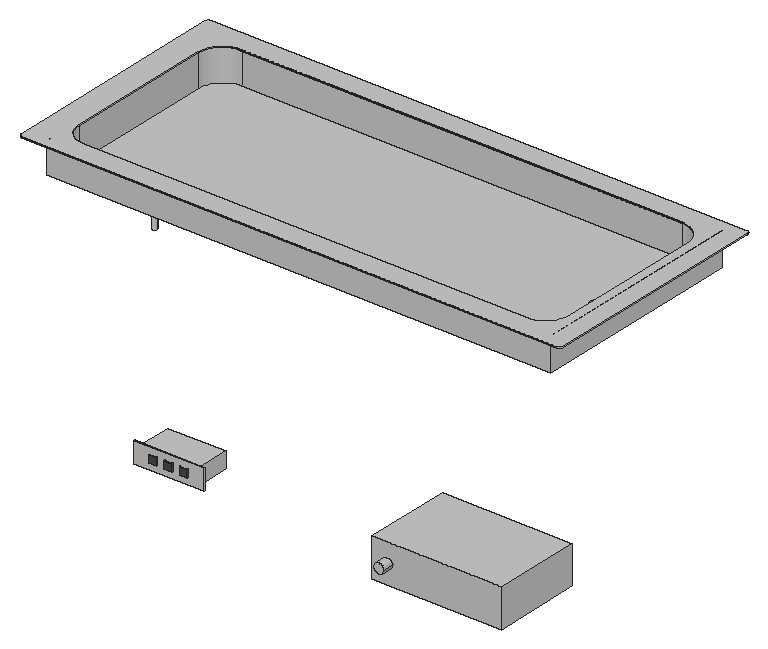
Revit family "QF_ELECTROLUXPROFESSIONAL_341111_D14R4", category Specialty Equipment, Revit 2018
Family settings
  Round Connector Dimension = Use Diameter
  Part Type = Normal
  Work Plane-Based = No
  Always vertical = Yes
  Cut with Voids When Loaded = No
  Shared = No
  Room Calculation Point = No
Parameters (values of type "341057.rfa")
  Weight = 0.00 kg
  Watts = 0 W
  Volts = 0 V
  URL Manufacturer = ""
  URL = ""
  Steam Supply Size = 0 mm
  Steam Supply Minimum Pressure = 0.0 Pa
  Steam Supply Maximum Pressure = 0.0 Pa
  Steam Pounds per Hour = 0
  Show Clearance [instance] = yes
  Remote Electrical Box_Z [instance] = 200.00 mm
  Remote Electrical Box_Y [instance] = 500.00 mm
  Remote Electrical Box_X [instance] = 1000.00 mm
  Refrigeration Suction Line Size = 0 mm
  Refrigeration Liquid Line Size = 0 mm
  Refrigerant Compressor Remote = yes
  Manufacturer = ""
  Phase = 0
  Model = ""
  Length Actual = 1420.00 mm  # constant formula
  Item Number = ""
  Hot Water Size = 0 mm
  Height Actual = 90.00 mm  # constant formula
  HP = "0 HP"
  Gas Size = 0 mm
  Gas KW = 0
  Gas Input Pressure = 0 W
  Direct Waste Size = 25.4 mm
  Description = ""
  Depth Actual = 620.00 mm  # constant formula
  Cycle = 0 Hz
  Controller_Y [instance] = 500.00 mm
  Controller_1Z [instance] = 200.00 mm
  Controller_1X [instance] = 300.00 mm
  Condensate Return Size = 0 mm
  Compressed Air Volume = 0.0 L/s
  Compressed Air Size = 0 mm
  Compressed Air Pressure = 0.0 Pa
  Cold Water Size = 0 mm
  Accessory = yes
Types (2, lengths in mm): name | Volts | URL Manufacturer | URL | Manufacturer | Phase | Model | Item Number | Description | Cycle
  341057.rfa | 0 V | "" | "" | "" | 0 | "" | "" | "" | 0 Hz
  Standard | 220 V | "http://professional.electrolux.com" | "http://professional.electrolux.com" | "Electrolux Professional" | 1 | "D14R4" | "341111" | "DROP-IN REMOTE, REFRIGERATED S/S SURFACE, 4GN" | 50 Hz
Reference planes
  plane 1 "Centro (Fronte/Retro)": y = 74.737
  plane 2: z = 0
  plane 3 "BACK": y = 384.737
  plane 4 "FRONT": y = -235.263
  plane 5 "RIGHT": x = 195.731
  plane 6 "LEFT": x = -1224.269
  plane 7: x = -514.269
  plane 8 "TOP": z = 900
  plane 9: y = 354.737
  plane 10: y = -205.263
  plane 11: x = 145.731
  plane 12: x = -1174.269
  plane 13: y = 329.737
  plane 14: y = -180.263
  plane 15: x = -1154.269
  plane 16: x = 125.731
  plane 17: z = 898
  plane 18: z = 812
  plane 19: z = 815
  plane 20: z = 428
  plane 21: x = -354.269
  plane 22: y = 314.737
  plane 23: y = -165.263
  plane 24: x = -1099.269
  plane 25: x = -649.269
  plane 26: y = -115.263
  plane 27: y = -115.263
  plane 28: x = -224.269
  plane 29: x = -924.269
  plane 30: z = 200
  plane 31: z = 200
Forms (mm)
  Extrusion 1, solid, material "QF_Finishes_Stainless Steel"
    sketch origin (0, 0, 900) x (-1, 0, 0) y (0, -1, 0)
      loop
        arc (1214.269, -384.737) -> (1221.34, -381.808) -> (1224.269, -374.737) r 10
        line (1224.269, -374.737) -> (1224.269, 225.263)
        arc (1224.269, 225.263) -> (1221.34, 232.334) -> (1214.269, 235.263) r 10
        line (1214.269, 235.263) -> (-185.731, 235.263)
        arc (-185.731, 235.263) -> (-192.802, 232.334) -> (-195.731, 225.263) r 10
        line (-195.731, 225.263) -> (-195.731, -374.737)
        arc (-195.731, -374.737) -> (-192.802, -381.808) -> (-185.731, -384.737) r 10
        line (-185.731, -384.737) -> (1214.269, -384.737)
      loop
        arc (1090.219, -329.737) -> (1135.509, -310.977) -> (1154.269, -265.687) r 64.05
        line (1154.269, -265.687) -> (1154.269, 125.263)
        arc (1154.269, 125.263) -> (1138.16, 164.154) -> (1099.269, 180.263) r 55
        line (1099.269, 180.263) -> (-61.681, 180.263)
        arc (-61.681, 180.263) -> (-106.972, 161.503) -> (-125.731, 116.213) r 64.05
        line (-125.731, 116.213) -> (-125.731, -265.687)
        arc (-125.731, -265.687) -> (-106.972, -310.977) -> (-61.681, -329.737) r 64.05
        line (-61.681, -329.737) -> (1090.219, -329.737)
    from 0 to -2
  Extrusion 2, solid, material "QF_Finishes_Stainless Steel"
    sketch origin (0, 0, 900) x (-1, 0, 0) y (0, -1, 0)
      loop
        line (-145.731, -354.737) -> (1174.269, -354.737) -> (1174.269, 205.263) -> (-145.731, 205.263) -> (-145.731, -354.737)
    from -2 to -88
  Extrusion 3, void
    sketch origin (0, 0, 900) x (-1, 0, 0) y (0, -1, 0)
      loop
        line (1154.269, -265.687) -> (1154.269, 125.263)
        arc (1154.269, 125.263) -> (1138.16, 164.154) -> (1099.269, 180.263) r 55
        line (1099.269, 180.263) -> (-61.681, 180.263)
        arc (-61.681, 180.263) -> (-106.972, 161.503) -> (-125.731, 116.213) r 64.05
        line (-125.731, 116.213) -> (-125.731, -265.687)
        arc (-125.731, -265.687) -> (-106.972, -310.977) -> (-61.681, -329.737) r 64.05
        line (-61.681, -329.737) -> (1090.219, -329.737)
        arc (1090.219, -329.737) -> (1135.509, -310.977) -> (1154.269, -265.687) r 64.05
    from 0 to -85
  Extrusion 4, void
    sketch origin (109.408, -193.95, 900) x (1, 0, 0) y (0, 1, 0)
      loop
        circle (-64.631, 268.687) r 18
    from -158.203 to -16.036
  Sweep 5, solid, material "QF_Finishes_Stainless Steel"
    path origin (0, 74.737, 0) x (1, 0, 0) y (0, 0, 1)
      loop
        line (44.776, 812) -> (44.776, 793) -> (91.731, 793)
    profile origin (44.776, 74.737, 802.5) x (0, -1, 0) y (1, 0, 0)
      loop
        circle (0, 0) r 18
  Extrusion 6, solid, material "QF_Finishes_Stainless Steel"
    sketch origin (0, 0, 900) x (-1, 0, 0) y (0, -1, 0)
      loop
        circle (1074.269, -24.737) r 6.35
    from -88 to -279
  Extrusion 7, solid, material "QF_Finishes_Stainless Steel"
    sketch origin (0, 0, 900) x (-1, 0, 0) y (0, -1, 0)
      loop
        circle (1074.269, -124.737) r 4.76
    from -88 to -229
Cuts and joins
  Extrusion 3, Extrusion 4 cuts Extrusion 2
Lines and regions (mm)
  symbolic lines
    curve 1: line (185.731, 384.737, 900) -> (-1214.269, 384.737, 900)
    curve 2: arc (-1214.269, 384.737, 900) -> (-1221.34, 381.808, 900) -> (-1224.269, 374.737, 900) r 10
    curve 3: line (-1224.269, 374.737, 900) -> (-1224.269, -225.263, 900)
    curve 4: arc (-1224.269, -225.263, 900) -> (-1221.34, -232.334, 900) -> (-1214.269, -235.263, 900) r 10
    curve 5: line (-1214.269, -235.263, 900) -> (185.731, -235.263, 900)
    curve 6: arc (185.731, -235.263, 900) -> (192.802, -232.334, 900) -> (195.731, -225.263, 900) r 10
    curve 7: line (195.731, -225.263, 900) -> (195.731, 374.737, 900)
    curve 8: arc (195.731, 374.737, 900) -> (192.802, 381.808, 900) -> (185.731, 384.737, 900) r 10
    curve 9: line (-1154.269, -125.263, 900) -> (-1154.269, 265.687, 900)
    curve 10: arc (-1154.269, 265.687, 900) -> (-1135.509, 310.977, 900) -> (-1090.219, 329.737, 900) r 64.05
    curve 11: line (-1090.219, 329.737, 900) -> (61.681, 329.737, 900)
    curve 12: arc (61.681, 329.737, 900) -> (106.972, 310.977, 900) -> (125.731, 265.687, 900) r 64.05
    curve 13: line (125.731, 265.687, 900) -> (125.731, -116.213, 900)
    curve 14: arc (125.731, -116.213, 900) -> (106.972, -161.503, 900) -> (61.681, -180.263, 900) r 64.05
    curve 15: line (61.681, -180.263, 900) -> (-1099.269, -180.263, 900)
    curve 16: arc (-1099.269, -180.263, 900) -> (-1138.16, -164.154, 900) -> (-1154.269, -125.263, 900) r 55
    curve 17: arc (62.776, 74.737, 900) -> (44.776, 56.737, 900) -> (26.776, 74.737, 900) r 18
    curve 18: arc (26.776, 74.737, 900) -> (44.776, 92.737, 900) -> (62.776, 74.737, 900) r 18
  symbolic lines, style "SpecialityEquipmentHiddenLines"
    curve 19: line (-1174.269, 354.737, 900) -> (145.731, 354.737, 900)
    curve 20: line (-1174.269, -205.263, 900) -> (-1174.269, 354.737, 900)
    curve 21: line (145.731, -205.263, 900) -> (-1174.269, -205.263, 900)
    curve 22: line (145.731, 354.737, 900) -> (145.731, -205.263, 900)
    curve 23: line (-1099.269, 314.737, 900) -> (-649.269, 314.737, 900)
    curve 24: line (-1099.269, -165.263, 900) -> (-1099.269, 314.737, 900)
    curve 25: line (-649.269, -165.263, 900) -> (-1099.269, -165.263, 900)
    curve 26: line (-649.269, 314.737, 900) -> (-649.269, -165.263, 900)
Dimensions and locks
  plane 6 "LEFT" to plane 5 "RIGHT" = 1420.00 mm
  equal spacing: plane 3 "BACK", plane 1 "Centro (Fronte/Retro)", plane 4 "FRONT"
  plane 3 "BACK" to plane 4 "FRONT" = 620.00 mm
  equal spacing: plane 6 "LEFT", plane 7, plane 5 "RIGHT"
  locked: plane 8 "TOP" to plane 2 at 900
  locked: plane 6 "LEFT" to plane 12 at 50
  locked: plane 11 to plane 5 "RIGHT" at 50
  locked: plane 3 "BACK" to plane 9 at 30
  locked: plane 10 to plane 4 "FRONT" at 30
  plane 3 "BACK" to plane 13 = 55.00 mm
  plane 14 to plane 4 "FRONT" = 55.00 mm
  plane 6 "LEFT" to plane 15 = 70.00 mm
  plane 16 to plane 5 "RIGHT" = 70.00 mm
  locked: plane 8 "TOP" to plane 17 at 2
  plane 8 "TOP" to plane 18 = 88.00 mm
  locked: plane 19 to plane 18 at 3
  plane 8 "TOP" to plane 20 = 472.00 mm
  locked: plane 25 to plane 24 at 450
  plane 23 to plane 22 = 480.00 mm
  plane 13 to plane 14 = 510.00 mm
  plane 15 to plane 16 = 1280.00 mm
  plane 24 to plane 6 "LEFT" = 125.00 mm
  "Controller_Y": plane 3 "BACK" to plane 26
  "Remote Electrical Box_Y": plane 3 "BACK" to plane 27
  "Controller_1X": plane 6 "LEFT" to plane 29
  "Remote Electrical Box_X": plane 6 "LEFT" to plane 28
  "Controller_1Z": plane 30 to plane 2
  "Remote Electrical Box_Z": plane 31 to plane 2
  aligned and locked: level to plane 2
  aligned and locked: Extrusion 1 sketch curve to plane 3 "BACK"
  aligned and locked: plane 6 "LEFT" to Extrusion 1 sketch curve
  aligned and locked: plane 4 "FRONT" to Extrusion 1 sketch curve
  aligned and locked: Extrusion 1 sketch curve to plane 5 "RIGHT"
  aligned and locked: Extrusion 1 sketch curve to plane 13
  aligned and locked: plane 15 to Extrusion 1 sketch curve
  aligned and locked: Extrusion 1 sketch curve to plane 14
  aligned and locked: Extrusion 1 sketch curve to plane 16
  aligned and locked: Extrusion 1 to plane 17
  aligned and locked: Extrusion 2 sketch curve to plane 9
  aligned and locked: plane 11 to Extrusion 2 sketch curve
  aligned and locked: Extrusion 2 sketch curve to plane 10
  aligned and locked: Extrusion 2 sketch curve to plane 12
  aligned and locked: Extrusion 2 to plane 18
  aligned and locked: Extrusion 2 to Extrusion 1
  aligned and locked: Extrusion 3 sketch curve to Extrusion 1  (x4)
  aligned and locked: Extrusion 3 to plane 19
  aligned and locked: nested 2 to plane 29
  aligned and locked: nested 3 to plane 28
  aligned and locked: plane 27 to nested 3
  aligned and locked: plane 26 to nested 2
  aligned and locked: plane 31 to nested 3
  aligned and locked: nested 2 to plane 30
Automatic sketch dimensions
  Extrusion 1 sketch curve to plane 5 "RIGHT" = 10.00 mm
  Extrusion 1 sketch curve to plane 3 "BACK" = 10.00 mm
  plane 23 to Extrusion 1 sketch curve = 49.05 mm
  Extrusion 1 sketch curve to plane 22 = 49.05 mm  (x2)
  plane 23 to Extrusion 1 sketch curve = 40.00 mm
  Extrusion 1 sketch curve to Extrusion 1 sketch curve = 10.00 mm
  plane 6 "LEFT" to Extrusion 1 sketch curve = 10.00 mm
  Extrusion 3 sketch curve to plane 22 = 49.05 mm  (x2)
  plane 23 to Extrusion 3 sketch curve = 49.05 mm
  plane 15 to Extrusion 3 sketch curve = 55.00 mm
  plane 1 "Centro (Fronte/Retro)" to Extrusion 4 sketch curve = 0.00 mm
  plane 16 to Extrusion 4 sketch curve = 80.955 mm
  Sweep 5 sketch curve to plane 18 = 0.00 mm
  Sweep 5 sketch curve to plane 18 = 19.00 mm
  Sweep 5 sketch curve to plane 16 = 80.955 mm
  Sweep 5 sketch curve to plane 16 = 34.00 mm
  plane 1 "Centro (Fronte/Retro)" to Sweep 5 sketch curve = 0.00 mm
  Sweep 5 sketch curve to profile plane = 0.00 mm
  curve 17 to curve 18 = 0.00 mm  (x2)
  curve 7 to plane 5 "RIGHT" = 0.00 mm
  curve 5 to plane 4 "FRONT" = 0.00 mm
  curve 1 to plane 3 "BACK" = 0.00 mm
  plane 10 to curve 22 = 0.00 mm
  curve 22 to plane 11 = 0.00 mm
  curve 13 to plane 16 = 0.00 mm
  plane 1 "Centro (Fronte/Retro)" to curve 17 = 0.00 mm
  plane 14 to curve 15 = 0.00 mm
  plane 13 to curve 11 = 0.00 mm
  curve 25 to plane 23 = 0.00 mm
  curve 25 to plane 25 = 0.00 mm
  curve 25 to plane 24 = 0.00 mm
  curve 16 to plane 15 = 0.00 mm
  curve 19 to plane 9 = 0.00 mm
  curve 19 to plane 12 = 0.00 mm
  curve 4 to plane 6 "LEFT" = 0.00 mm
  curve 23 to plane 22 = 0.00 mm
  plane 4 "FRONT" to curve 6 = 10.00 mm
  curve 1 to plane 5 "RIGHT" = 10.00 mm
  curve 15 to plane 16 = 64.05 mm
  curve 11 to plane 16 = 64.05 mm
  curve 18 to plane 16 = 80.955 mm
  plane 24 to curve 15 = 0.00 mm
  plane 24 to curve 11 = 9.05 mm
  plane 6 "LEFT" to curve 1 = 10.00 mm
  plane 6 "LEFT" to curve 5 = 10.00 mm
  curve 17 to curve 17 = 18.00 mm
  plane 24 to Extrusion 6 sketch curve = 25.00 mm
  plane 1 "Centro (Fronte/Retro)" to Extrusion 6 sketch curve = 50.00 mm
  plane 24 to Extrusion 7 sketch curve = 25.00 mm
  Extrusion 7 sketch curve to plane 1 "Centro (Fronte/Retro)" = 50.00 mm
  radius of Extrusion 4 sketch curve = 18.00 mm
  radius of Sweep 5 sketch curve = 18.00 mm
  radius of Extrusion 6 sketch curve = 6.35 mm
  radius of Extrusion 7 sketch curve = 4.76 mm
Nested families
  nested 1: "Refrigerator" at (15.731, -45.263, 900), type "Refrigerator"
  nested 2: "Controller" at (-924.269, -115.263, 200), type "Controller"
  nested 3: "Remote_Electrical_Box" at (-224.269, -0.263, 100), type "Remote_Electrical_Box"
Connectors
  piping at (91.731, 74.737, 793), diameter 36
    settings: on Sweep 5, index 1, connector inside diameter 609.6 mm, connector length 0.00 mm, flow factor 0, pipe flow 0.0 L/s, pressure drop 0.0 Pa, fitting loss kfactor 0, connector angle 0.00°, fixture units 0, engagement length 0.00 mm, angle of deflection 0.00°, flow configuration 1, flow direction 1, fitting loss method 0, system type 16, joint type 0, gender type 0, connector reference index -1, connector utility 0, adjustable connector no, is connector primary yes, connector description "drain"
  electrical at (-354.269, -142.263, 149.381)
    settings: on nested 3, index 2, voltage 0 V, apparent load 0 VA, apparent load phase1 0 VA, apparent load phase2 0 VA, apparent load phase3 0 VA, power factor 1, load classification "Altro", number of poles 1, system type 14, power factor state 1, is connector primary yes, connector utility no, sub classification motor no, connector description ""
  piping at (-1074.269, 24.737, 621), diameter 12.7
    settings: on Extrusion 6, index 4, connector inside diameter 609.6 mm, connector length 0.00 mm, flow factor 0, pipe flow 0.0 L/s, pressure drop 0.0 Pa, fitting loss kfactor 0, connector angle 0.00°, fixture units 0, engagement length 0.00 mm, angle of deflection 0.00°, flow configuration 1, flow direction 1, fitting loss method 0, system type 22, joint type 0, gender type 0, connector reference index -1, connector utility 0, adjustable connector no, is connector primary no, connector description ""
  piping at (-1074.269, 124.737, 671), diameter 9.52
    settings: on Extrusion 7, index 5, connector inside diameter 609.6 mm, connector length 0.00 mm, flow factor 0, pipe flow 0.0 L/s, pressure drop 0.0 Pa, fitting loss kfactor 0, connector angle 0.00°, fixture units 0, engagement length 0.00 mm, angle of deflection 0.00°, flow configuration 1, flow direction 1, fitting loss method 0, system type 22, joint type 0, gender type 0, connector reference index -1, connector utility 0, adjustable connector no, is connector primary no, connector description ""
Definition of nested family "Controller"
  Reference planes
    plane 1 "Center (Front/Back)": y = 0
    plane 2: z = 0
    plane 3 "Center (Left/Right)": x = 0
  Forms (mm)
    Extrusion 1, solid
      sketch origin (0, 44.769, -48.2) x (1, 0, 0) y (0, 1, 0)
        loop
          line (-76, 43.231) -> (-76, -47.65) -> (76, -47.65) -> (76, 43.231) -> (-76, 43.231)
      from 6.2 to 48.2
    Extrusion 2, solid
      sketch origin (0, 44.769, -48.2) x (1, 0, 0) y (0, 0, 1)
        loop
          line (-92.25, 54.4) -> (-92.25, 0) -> (92.25, 0) -> (92.25, 54.4) -> (-92.25, 54.4)
        loop
          line (-76, 48.2) -> (-76, 6.2) -> (76, 6.2) -> (76, 48.2) -> (-76, 48.2)
      from 44.769 to 47.65
    Extrusion 3, solid
      sketch origin (76, -2.881, -48.2) x (-1, 0, 0) y (0, 0, -1)
        loop
          line (106, -37.2) -> (126, -37.2) -> (126, -17.2) -> (106, -17.2) -> (106, -37.2)
        loop
          line (66, -37.2) -> (86, -37.2) -> (86, -17.2) -> (66, -17.2) -> (66, -37.2)
        loop
          line (26, -37.2) -> (46, -37.2) -> (46, -17.2) -> (26, -17.2) -> (26, -37.2)
      from 0 to 2
    Extrusion 4, void
      sketch origin (0, 0, 0) x (1, 0, 0) y (0, 1, 0)
        loop
          line (76, 88) -> (-76, 88) -> (-76, 0) -> (76, 0) -> (76, 88)
      from 0 to -42
  Cuts and joins
    Extrusion 4 cuts Extrusion 2
    joined: Extrusion 1, Extrusion 2
  Lines and regions (mm)
    symbolic lines
      curve 1: line (-76, 88, 0) -> (-76, 0, 0)
      curve 2: line (76, 88, 0) -> (-76, 88, 0)
      curve 3: line (76, 0, 0) -> (76, 88, 0)
      curve 4: line (-92.25, -2.881, 0) -> (92.25, -2.881, 0)
      curve 5: line (-92.25, 0, 0) -> (-92.25, -2.881, 0)
      curve 6: line (92.25, 0, 0) -> (-92.25, 0, 0)
      curve 7: line (92.25, -2.881, 0) -> (92.25, 0, 0)
  Dimensions and locks
    aligned and locked: level to plane 2
Definition of nested family "Remote_Electrical_Box"
  Parameters (values of type "Remote_Electrical_Box")
    Default Elevation = 1219.20 mm
  Reference planes
    plane 1 "Center (Front/Back)": y = 0
    plane 2: z = 0
    plane 3 "Center (Left/Right)": x = 0
    plane 4: x = -170
    plane 5: x = 170
    plane 6: y = 115
    plane 7: y = -115
    plane 8: z = 100
    plane 9: z = 50
  Forms (mm)
    Extrusion 1, solid
      sketch origin (0, 0, 0) x (1, 0, 0) y (0, 1, 0)
        loop
          line (-170, 115) -> (-170, -115) -> (170, -115) -> (170, 115) -> (-170, 115)
      from 0 to 100
    Extrusion 2, solid
      sketch origin (0, 0, 0) x (1, 0, 0) y (0, 0, 1)
        loop
          circle (-130, 49.381) r 13
      from 115 to 142
  Lines and regions (mm)
    symbolic lines
      curve 1: line (-170, 115, 0) -> (170, 115, 0)
      curve 2: line (-170, -115, 0) -> (-170, 115, 0)
      curve 3: line (170, -115, 0) -> (-170, -115, 0)
      curve 4: line (170, 115, 0) -> (170, -115, 0)
      curve 5: line (-143, -142, 0) -> (-117, -142, 0)
      curve 6: line (-143, -142, 0) -> (-143, -115, 0)
      curve 7: line (-117, -142, 0) -> (-117, -115, 0)
  Dimensions and locks
    equal spacing: plane 4, plane 3 "Center (Left/Right)", plane 5
    equal spacing: plane 6, plane 1 "Center (Front/Back)", plane 7
    plane 4 to plane 5 = 340.00 mm
    plane 6 to plane 7 = 230.00 mm
    Extrusion 1 to Extrusion 2 sketch curve = 40.00 mm
    equal spacing: plane 8, plane 9, plane 2
    aligned and locked: level to plane 2
    aligned and locked: Extrusion 1 sketch curve to plane 6
    aligned and locked: plane 4 to Extrusion 1 sketch curve
    aligned and locked: plane 7 to Extrusion 1 sketch curve
    aligned and locked: Extrusion 1 sketch curve to plane 5
    aligned and locked: plane 7 to Extrusion 2
    aligned and locked: plane 8 to Extrusion 1
  Automatic sketch dimensions
    level to Extrusion 2 sketch curve = 49.381 mm
    curve 3 to plane 4 = 0.00 mm
    curve 7 to plane 7 = 0.00 mm
    curve 3 to plane 5 = 0.00 mm
    curve 2 to plane 6 = 0.00 mm
    plane 4 to curve 6 = 27.00 mm
    curve 5 to curve 6 = 27.00 mm
    curve 6 to curve 7 = 26.00 mm
    radius of Extrusion 2 sketch curve = 13.00 mm
Definition of nested family "Refrigerator"
  Reference planes
    plane 1 "Center (Front/Back)": y = 0
    plane 2: z = 0
    plane 3 "Center (Left/Right)": x = 0
  Lines and regions (mm)
    detail lines, in view "Ref. Level"
      curve 1: line (0, -60, 0) -> (0, 60, 0)
      curve 2: line (-51.962, 30, 0) -> (51.962, -30, 0)
      curve 3: line (-51.962, -30, 0) -> (51.962, 30, 0)
      curve 4: line (19.116, 56.873, 0) -> (0, 35, 0)
      curve 5: line (0, 35, 0) -> (-19.116, 56.873, 0)
      curve 6: line (-30.311, 17.5, 0) -> (-40, 45.883, 0)
      curve 7: line (-59.736, 11.7, 0) -> (-30.311, 17.5, 0)
      curve 8: line (-30.311, -17.5, 0) -> (-59.736, -11.7, 0)
      curve 9: line (-40, -45.883, 0) -> (-30.311, -17.5, 0)
      curve 10: line (0, -35, 0) -> (-19.116, -56.873, 0)
      curve 11: line (19.116, -56.873, 0) -> (0, -35, 0)
      curve 12: line (30.311, -17.5, 0) -> (39.696, -44.992, 0)
      curve 13: line (58.812, -11.882, 0) -> (30.311, -17.5, 0)
      curve 14: line (30.311, 17.5, 0) -> (58.812, 11.882, 0)
      curve 15: line (39.696, 44.992, 0) -> (30.311, 17.5, 0)
